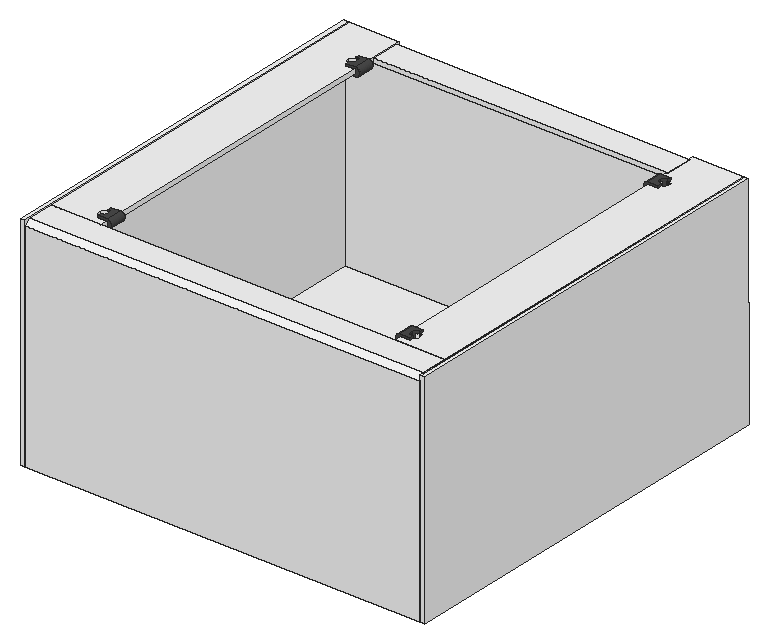
Revit family "Atlas_Sound_SEST_SERIES", category Communication Devices, Revit 2026
Family settings
  Round Connector Dimension = Use Diameter
  Part Type = Normal
  Work Plane-Based = Yes
  Always vertical = No
  Cut with Voids When Loaded = Yes
  Maintain Annotation Orientation = No
  Shared = No
  Room Calculation Point = No
Parameters (values of type "SEST-1H")
  Width = 11.00"
  Weight Product = 0
  Warranty = "1 Year"
  Specification by User (default) [instance] = ""
  Product Documentation Link = "https://www.atlasied.com/f/2864/ATS002382C%20IP%20Enclosures%20Datasheet.pdf"
  OmniClass Title = "Audio Visual Enclosures"
  OmniClass Number = "23-37 27 15 13"
  Model = "SEST-IH"
  MaterFormat Title = "AUDIO VISUAL ENCLOSURES"
  MasterFormat = "27 42 19"
  Manufacturer URL = "https://www.atlasied.com"
  Manufacturer Phone = "(800) 876 - 3333"
  Manufacturer Email = "support@atlasied.com"
  Manufacturer Address = "4545 E. Baseline Rd., Phoenix, AZ 85042"
  Manufacturer = "ATLAS SOUND"
  IQ Category = "AUDIO VISUAL ENCLOSURES"
  Height = 6.00"
  Family Version = "2017-01"
  Family Code (default) = "LOUD SPEAKER ENCLOSURES"
  Enclosure Material = none
  Description = "STRAIGHT SURFACE MOUNT STAINLESS STEEL ENCLOSURE IS DESIGNED FOR USE ONLY WITH ATLAS SOUND LOUDSPEAKER SYSTEM MODEL IHVP. THE ENCLOSURE IS CONSTRUCTED OF 18-GAUGE STAINLESS STEEL AND FINISHED IN TEXTURED WHITE EPOXY."
  Depth = 11.00"
  Default Elevation = 48.00"
  Cost MSRP = 0
  Cost = 0
  Color = none
  Code 3 = yes
  Code 2 = no
  Code 1 = no
  Body Material = QF_Plastic - White - Smooth
Types (4): name | Width | Specification by User (default) | Model | Height | Description | Depth | Code 3 | Code 2 | Code 1
  (no name) | 11.00" | "" | "SEST-IH" | 6.00" | "STRAIGHT SURFACE MOUNT STAINLESS STEEL ENCLOSURE IS DESIGNED FOR USE ONLY WITH ATLAS SOUND LOUDSPEAKER SYSTEM MODEL IHVP. THE ENCLOSURE IS CONSTRUCTED OF 18-GAUGE STAINLESS STEEL AND FINISHED IN TEXTURED WHITE EPOXY." | 11.00" | yes | no | no
  SEST-18S | 11.58984" | "" | "SEST-I8S" | 4.00" | "STRAIGHT SURFACE MOUNT ENCLOSURE IS DESIGNED FOR USE ONLY WITH ATLAS SOUND LOUDSPEAKER SYSTEM MODELS I8S AND I8SM. THE UNIT PROVIDES AN ARCHITECTURALLY PLEASING APPEARANCE WITH CRISP LINES THAT BLEND WELL WITH MOST BUILDING INTERIORS. THE ENCLOSURE IS CONSTRUCTED OF 20-GAUGE CRS AND FINISHED IN TEXTURED WHITE EPOXY." | 11.63" | no | no | yes
  SEST-18SC | 13.12891" | "TBD" | "SEST-I8SC" | 4.00" | "STRAIGHT SURFACE MOUNT ENCLOSURE IS DESIGNED FOR USE ONLY WITH ATLAS SOUND LOUDSPEAKER SYSTEM MODELS I8SC AND I8SCM. THE UNIT PROVIDES AN ARCHITECTURALLY PLEASING APPEARANCE WITH CRISP LINES THAT BLEND WELL WITH MOST BUILDING INTERIORS. THE ENCLOSURE IS CONSTRUCTED OF 20-GAUGE CRS AND FINISHED IN RECLAIMED POWDER COAT FINISH." | 14.63" | no | yes | no
  SEST-1H | 11.00" | "" | "SEST-IH" | 6.00" | "STRAIGHT SURFACE MOUNT STAINLESS STEEL ENCLOSURE IS DESIGNED FOR USE ONLY WITH ATLAS SOUND LOUDSPEAKER SYSTEM MODEL IHVP. THE ENCLOSURE IS CONSTRUCTED OF 18-GAUGE STAINLESS STEEL AND FINISHED IN TEXTURED WHITE EPOXY." | 11.00" | yes | no | no
Reference planes (in)
  plane 1 "BACK": y = 0
  plane 2: z = 0
  plane 3 "LEFT": x = 0
  plane 4 "RIGHT": x = 11
  plane 5 "FRONT": y = -11
  plane 6 "TOP": z = 6
  plane 7 "Center Y": x = 5.5
  plane 8 "Center X": y = -5.5
  plane 9: z = 3
Dimensions and locks (in)
  equal spacing: plane 3 "LEFT", plane 7 "Center Y", plane 4 "RIGHT"
  "Width": plane 3 "LEFT" to plane 4 "RIGHT"
  equal spacing: plane 5 "FRONT", plane 8 "Center X", plane 1 "BACK"
  "Depth": plane 5 "FRONT" to plane 1 "BACK"
  "Height": plane 6 "TOP" to level
  equal spacing: plane 6 "TOP", plane 9, level
  aligned and locked: level to plane 2
  aligned and locked: plane 7 "Center Y" to nested 1
  aligned and locked: nested 1 to plane 1 "BACK"
Nested families (in)
  nested 1: "SEST SERIES" at (0, -11, 0) x (1, 0, 0) z (0, 1, 0), type "SEST SERIES"
    with Specification by User (default) "TBD", Width 11.00", Height 11.00", Depth 6.00", Code 3 yes, Code 1 no
Definition of nested family "SEST SERIES"
  Parameters
    Width = 11.58984"
    Weight Product = 0
    Warranty = "TBD"
    Specification by User (default) [instance] = "TBD"
    Product Page URL = "https://www.atlasied.com"
    Product Documentation Link = "https://www.atlasied.com/f/2864/ATS002382C%20IP%20Enclosures%20Datasheet.pdf"
    OmniClass Title = "AUDIO VISUAL ENCLOSURES"
    OmniClass Number = "TBD"
    Model = "SEST-I8SC"
    MaterFormat Title = "AUDIO VISUAL ENCLOSURES"
    MasterFormat = "TBD"
    Manufacturer URL = "https://www.atlasied.com"
    Manufacturer Phone = "(800) 876 - 3333"
    Manufacturer Email = "support@atlasied.com"
    Manufacturer Address = "4545 E. Baseline Rd., Phoenix, AZ 85042"
    Manufacturer = "ATLAS SOUND"
    Ingress Protection = "TBD"
    IQ Category = "AUDIO VISUAL ENCLOSURES"
    Height = 11.63"
    Family Version = "2017-01"
    Family Code (default) = "AUDIO VISUAL ENCLOSURES"
    Enclosure Material = none
    Description = "STRAIGHT SURFACE MOUNT ENCLOSURE IS DESIGNED FOR USE ONLY WITH ATLAS SOUND LOUDSPEAKER SYSTEM MODELS I8SC AND I8SCM. THE UNIT PROVIDES AN ARCHITECTURALLY PLEASING APPEARANCE WITH CRISP LINES THAT BLEND WELL WITH MOST BUILDING INTERIORS. THE ENCLOSURE IS CONSTRUCTED OF 20-GAUGE CRS AND FINISHED IN RECLAIMED POWDER COAT FINISH."
    Depth = 4.00"
    Default Elevation = 48.00"
    Cost MSRP = 0
    Cost = 0
    Color = none
    Code 3 = no
    Code 2 = no
    Code 1 = yes
    Body Material = none
  Reference planes (in)
    plane 1 "BACK": y = 0
    plane 2: z = 0
    plane 3 "LEFT": x = 0
    plane 4 "RIGHT": x = 11.58984
    plane 5 "FRONT": y = -4
    plane 6 "TOP": z = 11.63
    plane 7 "Center Y": x = 5.79492
    plane 8 "Center X": y = -2
    plane 9: y = -0.125
    plane 10: z = 0.125
    plane 11: z = 0.875
    plane 12: x = 10.08984
    plane 13: x = 11.46484
    plane 14: z = 5.815
  Forms (in)
    Extrusion 1, solid, material <- "Body Material", visible <- "Code 2"
      sketch origin (11.58984, 0, 0) x (0, -1, 0) y (0, 0, 1)
        loop
          line (4, 11.63) -> (0, 11.63) -> (0, 0) -> (4, 0) -> (4, 11.63)
      from 0 to 0.125
    Extrusion 2, solid, material <- "Body Material"
      sketch origin (11, 0, 0) x (0, 1, 0) y (0, 0, -1)
        loop
          line (-4, -11.63) -> (0, -11.63) -> (0, 0) -> (-4, 0) -> (-4, -11.63)
      from 10.875 to 11
    Extrusion 3, solid, material <- "Body Material", visible <- "Code 1"
      sketch origin (-1, 0, 0) x (1, 0, 0) y (0, 0, 1)
        loop
          circle (5.79492, 5.815) r 0.5
        loop
          circle (5.79492, 5.815) r 0.40825
      from 0.21377 to 0.125
    Extrusion 4, solid, material <- "Body Material"
      sketch origin (-38.39759, -180, 11.63) x (-1, 0, 0) y (0, -1, 0)
        loop
          line (-38.52259, -179.875) -> (-38.52259, -176.125) -> (-49.86244, -176.125) -> (-49.86244, -179.875) -> (-38.52259, -179.875)
      from 0 to -0.125
    Extrusion 5, solid, material <- "Body Material"
      sketch origin (0, 0, 0) x (0, 1, 0) y (0, 0, 1)
        loop
          line (-4, 0.125) -> (-3.875, 0) -> (-0.125, 0) -> (-0.125, 0.875) -> (-4, 0.875) -> (-4, 0.125)
      from 0.125 to 11.46484
    Extrusion 6, solid
      sketch origin (-38.39759, -180, 11.63) x (-1, 0, 0) y (0, -1, 0)
        loop
          line (-39.65624, -176.17743) -> (-39.65624, -176.0625) -> (-39.65624, -175.94757) -> (-39.9187, -175.94757)
          arc (-39.9187, -175.94757) -> (-40.03363, -176.0625) -> (-39.9187, -176.17743) r 0.11493
          line (-39.9187, -176.17743) -> (-39.65624, -176.17743)
        loop
          line (-48.72879, -176.17743) -> (-48.46633, -176.17743)
          arc (-48.46633, -176.17743) -> (-48.3514, -176.0625) -> (-48.46633, -175.94757) r 0.11493
          line (-48.46633, -175.94757) -> (-48.72879, -175.94757) -> (-48.72879, -176.0625) -> (-48.72879, -176.17743)
      from -1.50502 to -1.06714
    Extrusion 7, void
      sketch origin (0, -4, 0) x (-1, 0, 0) y (0, 0, 1)
        loop
          circle (-1.25865, 10.35646) r 0.12307
        loop
          circle (-10.3312, 10.35646) r 0.12307
        loop
          circle (-1.25865, 1.27354) r 0.12307
        loop
          circle (-10.3312, 1.27354) r 0.12307
      from 0.28635 to -0.25
    Extrusion 8, solid, material <- "Body Material"
      sketch origin (0, 0, 0) x (0, 1, 0) y (0, 0, 1)
        loop
          line (-3.875, 11.63) -> (-4, 11.505) -> (-4, 10.755) -> (-3.875, 10.755) -> (-3.875, 11.63)
      from 1.5 to 10.08984
    Extrusion 9, solid, material <- "Body Material"
      sketch origin (0, 0, 11) x (1, 0, 0) y (0, 0, 1)
        loop
          line (0.125, -11) -> (11.46484, -11) -> (11.46484, 0.63) -> (0.125, 0.63) -> (0.125, -11)
      from 0 to 0.125
    Extrusion 10, solid, material <- "Body Material", visible <- "Code 1"
      sketch origin (12, 0, 0) x (-1, 0, 0) y (0, 0, -1)
        loop
          circle (5.20508, -5.815) r 0.5
        loop
          circle (5.20508, -5.815) r 0.40825
      from 0.21377 to 0.125
    Extrusion 11, solid, material <- "Body Material"
      sketch origin (0, -4, 0) x (1, 0, 0) y (0, 0, 1)
        loop
          line (1.5, 11.63) -> (0.125, 11.63) -> (0.125, 0.875) -> (1.5, 0.875) -> (1.5, 11.63)
        loop
          line (10.08984, 11.63) -> (10.08984, 0.875) -> (11.46484, 0.875) -> (11.46484, 11.63) -> (10.08984, 11.63)
      from 0 to -0.125
    Extrusion 12, solid
      sketch origin (0, 0, 0) x (1, 0, 0) y (0, 1, 0)
        loop
          line (1.25865, -3.82257) -> (1.25865, -3.9375) -> (1.25865, -4.05243) -> (1.52111, -4.05243)
          arc (1.52111, -4.05243) -> (1.63604, -3.9375) -> (1.52111, -3.82257) r 0.11493
          line (1.52111, -3.82257) -> (1.25865, -3.82257)
        loop
          line (10.3312, -3.82257) -> (10.06874, -3.82257)
          arc (10.06874, -3.82257) -> (9.95381, -3.9375) -> (10.06874, -4.05243) r 0.11493
          line (10.06874, -4.05243) -> (10.3312, -4.05243) -> (10.3312, -3.9375) -> (10.3312, -3.82257)
      from 1.50391 to 1.06641
    Extrusion 13, solid, material <- "Body Material", visible <- "Code 2"
      sketch origin (11, 0, 0) x (-1, 0, 0) y (0, 0, -1)
        loop
          circle (5.20508, -5.815) r 0.5
        loop
          circle (5.20508, -5.815) r 0.40825
      from 0.21377 to 0.125
    Extrusion 14, solid, material <- "Body Material", visible <- "Code 1"
      sketch origin (11.58984, 0, 0) x (0, -1, 0) y (0, 0, 1)
        loop
          line (4, 11.63) -> (0, 11.63) -> (0, 0) -> (4, 0) -> (4, 11.63)
        loop
          circle (2, 5.815) r 0.5
      from 0 to 0.125
    Extrusion 15, solid, material <- "Body Material", visible <- "Code 3"
      sketch origin (-1, 0, 0) x (1, 0, 0) y (0, 0, 1)
        loop
          circle (5.79492, 5.815) r 0.5
        loop
          circle (5.79492, 5.815) r 0.40825
      from 0.21377 to 0.125
    Extrusion 16, solid, material <- "Body Material", visible <- "Code 3"
      sketch origin (12, 0, 0) x (-1, 0, 0) y (0, 0, -1)
        loop
          circle (5.20508, -5.815) r 0.5
        loop
          circle (5.20508, -5.815) r 0.40825
      from 0.21377 to 0.125
    Extrusion 17, solid, material <- "Body Material", visible <- "Code 1"
      sketch origin (11.58984, 0, 0) x (0, 1, 0) y (0, 0, 1)
        loop
          line (-1.41878, 2.86126) -> (-1.41878, 0.2971) -> (-0.51062, 0.2971) -> (-0.51062, 2.86126) -> (-1.41878, 2.86126)
      from 0 to 0.0625
    Extrusion 18, solid, material <- "Body Material", visible <- "Code 3"
      sketch origin (11.58984, 0, 0) x (0, -1, 0) y (0, 0, 1)
        loop
          line (4, 11.63) -> (0, 11.63) -> (0, 0) -> (4, 0) -> (4, 11.63)
      from 0 to 0.125
  Cuts and joins
    joined: Extrusion 5, Extrusion 9
    Extrusion 7 cuts Extrusion 11
    Extrusion 7 cuts Extrusion 12
    Extrusion 7 cuts Extrusion 6
  Lines and regions (in)
    symbolic lines
      curve 1: line (0, 0, 0) -> (11.58984, 0, 0)
      curve 2: line (0, -4, 0) -> (0, 0, 0)
      curve 3: line (11.58984, -4, 0) -> (0, -4, 0)
      curve 4: line (11.58984, 0, 0) -> (11.58984, -4, 0)
      curve 5: line (0.125, -0.125, 0) -> (11.46484, -0.125, 0)
      curve 6: line (0.125, -3.875, 0) -> (0.125, -0.125, 0)
      curve 7: line (11.46484, -3.875, 0) -> (0.125, -3.875, 0)
      curve 8: line (11.46484, -0.125, 0) -> (11.46484, -3.875, 0)
      curve 9: line (1.5, -3.875, 0) -> (1.5, -4, 0)
      curve 10: line (10.08984, -3.875, 0) -> (10.08984, -4, 0)
      curve 11: line (1.25865, -4, 0) -> (1.25865, -4.05243, 0)
      curve 12: line (1.25865, -4.05243, 0) -> (1.52111, -4.05243, 0)
      curve 13: arc (1.52111, -4.05243, 0) -> (1.576, -4.03847, 0) -> (1.61756, -4, 0) r 0.11493
      curve 14: line (10.3312, -4, 0) -> (10.3312, -4.05243, 0)
      curve 15: line (10.3312, -4.05243, 0) -> (10.06874, -4.05243, 0)
      curve 16: arc (10.06874, -4.05243, 0) -> (10.01385, -4.03847, 0) -> (9.97229, -4, 0) r 0.11493
      curve 17: line (0, 0, 0) -> (11.58984, 0, 0)
      curve 18: line (0, -4, 0) -> (0, 0, 0)
      curve 19: line (11.58984, -4, 0) -> (0, -4, 0)
      curve 20: line (11.58984, 0, 0) -> (11.58984, -4, 0)
      curve 21: line (0, 0, 0) -> (11.58984, 0, 0)
      curve 22: line (0, -4, 0) -> (0, 0, 0)
      curve 23: line (11.58984, -4, 0) -> (0, -4, 0)
      curve 24: line (11.58984, 0, 0) -> (11.58984, -4, 0)
      curve 25: line (1.5, -3.875, 0) -> (1.5, -4, 0)
      curve 26: line (1.5, -3.875, 0) -> (10.08984, -3.875, 0)
      curve 27: line (1.5, -4, 0) -> (1.5, -3.875, 0)
      curve 28: line (10.08984, -3.875, 0) -> (10.08984, -4, 0)
  Dimensions and locks (in)
    equal spacing: plane 3 "LEFT", plane 7 "Center Y", plane 4 "RIGHT"
    "Width": plane 3 "LEFT" to plane 4 "RIGHT"
    equal spacing: plane 5 "FRONT", plane 8 "Center X", plane 1 "BACK"
    "Depth": plane 5 "FRONT" to plane 1 "BACK"
    "Height": plane 6 "TOP" to level
    plane 10 to level = 0.125"
    plane 11 to plane 10 = 0.75"
    locked: Extrusion 5 sketch curve to plane 5 "FRONT" at 0.125
    plane 12 to plane 13 to plane 4 "RIGHT" = 1.375" locked, 0.125" locked
    plane 6 "TOP" to Extrusion 8 sketch curve to Extrusion 8 sketch curve = 0.125" locked, 0.75" locked
    equal spacing: plane 6 "TOP", plane 14, level
    aligned and locked: level to plane 2
    aligned and locked: Extrusion 5 sketch curve to plane 5 "FRONT"
    aligned and locked: plane 13 to cut or joined group of Extrusion 5, Extrusion 9
    aligned and locked: plane 12 to Extrusion 8
  Automatic sketch dimensions
    plane 1 "BACK" to curve 1 = 0.00"
    curve 1 to plane 3 "LEFT" = 0.00"
    curve 6 to plane 9 = 0.00"
    plane 5 "FRONT" to curve 11 = 0.00"
    curve 26 to plane 12 = 0.00"
    curve 10 to plane 12 = 0.00"
    curve 5 to plane 13 = 0.00"
    curve 17 to plane 4 "RIGHT" = 0.00"
    plane 3 "LEFT" to curve 7 = 0.125"
    plane 5 "FRONT" to curve 11 = 0.05243"
    curve 6 to curve 11 = 1.13365"
    curve 27 to plane 5 "FRONT" = 0.125"
    curve 11 to curve 27 = 0.24135"
    curve 27 to curve 12 = 0.02111"
    curve 16 to plane 12 = 0.02111"
    plane 5 "FRONT" to curve 14 = 0.05243"
    plane 12 to curve 14 = 0.24135"
    curve 16 to plane 5 "FRONT" = 0.0625"
    curve 13 to plane 5 "FRONT" = 0.0625"
    curve 8 to plane 5 "FRONT" = 0.125"
    curve 9 to curve 27 = 0.00"
    curve 25 to curve 9 = 0.00"
    Extrusion 1 sketch curve to plane 1 "BACK" = 0.00"
    Extrusion 1 sketch curve to level = 0.00"
    Extrusion 1 sketch curve to plane 5 "FRONT" = 0.00"
    Extrusion 1 sketch curve to plane 6 "TOP" = 0.00"
    Extrusion 2 sketch curve to level = 0.00"
    Extrusion 2 sketch curve to plane 5 "FRONT" = 0.00"
    Extrusion 2 sketch curve to plane 1 "BACK" = 0.00"
    Extrusion 2 sketch curve to plane 6 "TOP" = 0.00"
    Extrusion 3 sketch curve to Extrusion 3 sketch curve = 0.00"  (x2)
    Extrusion 3 sketch curve to plane 14 = 0.00"
    Extrusion 3 sketch curve to plane 7 "Center Y" = 1.00"
    Extrusion 4 sketch curve to plane 9 = 0.00"
    Extrusion 4 sketch curve to plane 13 = 0.00"
    plane 3 "LEFT" to Extrusion 4 sketch curve = 0.125"
    Extrusion 4 sketch curve to plane 5 "FRONT" = 0.125"
    Extrusion 5 sketch curve to level = 0.00"
    Extrusion 5 sketch curve to plane 9 = 0.00"
    plane 10 to Extrusion 5 sketch curve = 0.00"
    plane 11 to Extrusion 5 sketch curve = 0.00"
    plane 12 to Extrusion 6 sketch curve = 0.24135"
    Extrusion 6 sketch curve to plane 12 = 0.02111"
    Extrusion 6 sketch curve to plane 5 "FRONT" = 0.0625"  (x4)
    plane 3 "LEFT" to Extrusion 6 sketch curve = 1.52111"
    plane 5 "FRONT" to Extrusion 6 sketch curve = 0.05243"
    Extrusion 6 sketch curve to Extrusion 6 sketch curve = 0.26246"
    Extrusion 6 sketch curve to plane 5 "FRONT" = 0.17743"
    Extrusion 11 to Extrusion 7 sketch curve = 0.24135"  (x4)
    Extrusion 11 to Extrusion 7 sketch curve = 0.39854"  (x2)
    Extrusion 11 to Extrusion 7 sketch curve = 1.27354"  (x2)
    Extrusion 8 sketch curve to plane 5 "FRONT" = 0.00"
    Extrusion 8 sketch curve to plane 6 "TOP" = 0.00"
    Extrusion 8 sketch curve to Extrusion 8 sketch curve = 0.125"
    Extrusion 9 sketch curve to plane 6 "TOP" = 0.00"
    Extrusion 9 sketch curve to level = 0.00"
    Extrusion 9 sketch curve to plane 13 = 0.00"
    Extrusion 9 sketch curve to plane 3 "LEFT" = 0.125"
    Extrusion 10 sketch curve to Extrusion 10 sketch curve = 0.00"  (x2)
    Extrusion 10 sketch curve to plane 14 = 0.00"
    plane 7 "Center Y" to Extrusion 10 sketch curve = 1.00"
    Extrusion 11 sketch curve to plane 6 "TOP" = 0.00"  (x2)
    Extrusion 11 sketch curve to plane 12 = 0.00"
    Extrusion 11 sketch curve to plane 13 = 0.00"
    plane 3 "LEFT" to Extrusion 11 sketch curve = 1.50"
    plane 3 "LEFT" to Extrusion 11 sketch curve = 0.125"
    plane 10 to Extrusion 11 sketch curve = 0.75"  (x2)
    plane 5 "FRONT" to Extrusion 12 sketch curve = 0.05243"  (x2)
    plane 3 "LEFT" to Extrusion 12 sketch curve = 1.25865"
    Extrusion 12 sketch curve to Extrusion 12 sketch curve = 0.26246"
    Extrusion 12 sketch curve to plane 12 = 0.02111"
    Extrusion 12 sketch curve to plane 5 "FRONT" = 0.0625"  (x4)
    plane 12 to Extrusion 12 sketch curve = 0.24135"
    Extrusion 13 sketch curve to Extrusion 13 sketch curve = 0.00"  (x2)
    Extrusion 13 sketch curve to plane 7 "Center Y" = 0.00"
    Extrusion 13 sketch curve to plane 14 = 0.00"
    Extrusion 14 sketch curve to plane 1 "BACK" = 0.00"
    Extrusion 14 sketch curve to plane 8 "Center X" = 0.00"
    Extrusion 14 sketch curve to plane 5 "FRONT" = 0.00"
    Extrusion 14 sketch curve to level = 0.00"
    Extrusion 14 sketch curve to plane 14 = 0.00"
    Extrusion 14 sketch curve to plane 6 "TOP" = 0.00"
    Extrusion 15 sketch curve to Extrusion 15 sketch curve = 0.00"  (x2)
    Extrusion 15 sketch curve to plane 14 = 0.00"
    Extrusion 15 sketch curve to plane 7 "Center Y" = 1.00"
    Extrusion 16 sketch curve to Extrusion 16 sketch curve = 0.00"  (x2)
    Extrusion 16 sketch curve to plane 14 = 0.00"
    plane 7 "Center Y" to Extrusion 16 sketch curve = 1.00"
    Extrusion 17 sketch curve to Extrusion 14 = 0.2971"
    Extrusion 17 sketch curve to Extrusion 14 = 1.41878"
    Extrusion 17 sketch curve to Extrusion 14 = 0.51062"
    Extrusion 17 sketch curve to Extrusion 17 sketch curve = 2.56416"
    Extrusion 18 sketch curve to plane 1 "BACK" = 0.00"
    Extrusion 18 sketch curve to level = 0.00"
    Extrusion 18 sketch curve to plane 5 "FRONT" = 0.00"
    Extrusion 18 sketch curve to plane 6 "TOP" = 0.00"
    radius of Extrusion 3 sketch curve = 0.50"
    radius of Extrusion 3 sketch curve = 0.40825"
    radius of Extrusion 7 sketch curve = 0.12307"  (x4)
    radius of Extrusion 10 sketch curve = 0.50"
    radius of Extrusion 10 sketch curve = 0.40825"
    radius of Extrusion 13 sketch curve = 0.50"
    radius of Extrusion 13 sketch curve = 0.40825"
    radius of Extrusion 14 sketch curve = 0.50"
    radius of Extrusion 15 sketch curve = 0.50"
    radius of Extrusion 15 sketch curve = 0.40825"
    radius of Extrusion 16 sketch curve = 0.50"
    radius of Extrusion 16 sketch curve = 0.40825"
